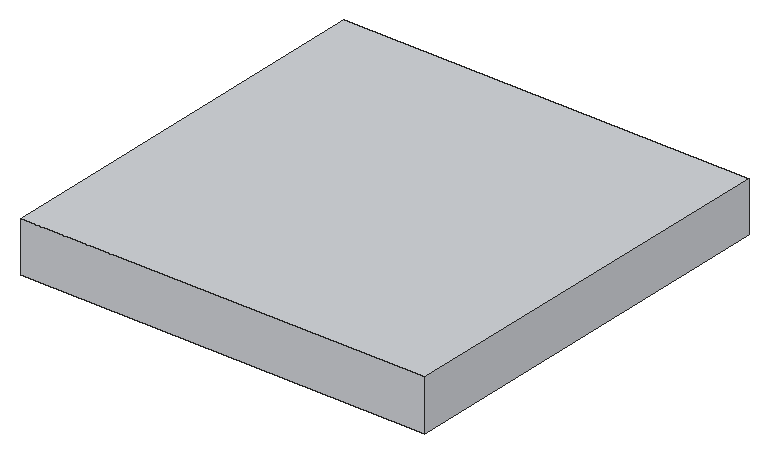
Revit family "05-1804-14-00", category Luminarias, Revit 2017
Family settings
  Anfitrión = Cara
  Cota de conector redondo = Diámetro de uso
  Tipo de pieza = Normal
  Número OmniClass = 23.80.70.00
  Título OmniClass = Lighting
  Corte con vacíos al cargar = No
  Origen de luz = No
  Compartido = Sí
  Punto de cálculo de habitación = No
Parameters (values of type "05-1804-14-00")
  Versión = "v1"
  Vatios (W) = 1
  Tipo de regulación = ""
  Tipo = "Señalizacion"
  Tender text (English) = "LEDS C4\nSecret A\n05-1804-14-00\n\nSignal lighting/light for indoor use. \n\nFor frontal lighting and downlighting. Lenses allow optimum control of illumination with minimal residual halo. Structure material: Plaster. Structure finish: White. Warranty: 5 Years.\n\nProduct net weight (Kg): 0.520\nProduct width or diameter (mm): 80\nProduct height (mm): 165\nØ of the hole for recessing (mm): 170x85\nPermitted ceiling thickness: 9-15\n\nClass 3. IP: IP20. LED. No. of lampholders or LEDs: 1. LED brand: CREE. Maximum power of light source: 1W. Colour temperature: LED warm-white 3000K. Colour rendering index: 80. MacAdam Steps: 3. Maximum diameter of luminaire bulb: 50.000h L80B20. UGR: 5.5. Photobiological risk: RG2. Real flux (lm): 43. Nominal flux (lm): 87. Lm/Real W: 43. Voltage: 3. Gear included: No, but it is needed. Total power: 1."
  Tender text (Castellano) = "LEDS C4\nSecret A\n05-1804-14-00\n\nLuminaria de señalización de uso interior para iluminar frontalmente y hacia abajo. \n\nUso de lentes para un óptimo control lumínico y minimización del halo residual. Material estructura: Yeso. Acabado estructura: Blanco. Garantía: 5 Años.\n\nPeso neto del producto (Kg): 0.520\nAnchura o diámetro del producto (mm): 80\nAltura del producto (mm): 165\nØ del agujero para empotrar (mm): 170x85\nGrosor de techo admitido: 9-15\n\nClase 3. IP: IP20. LED. Nº de portalámparas o Leds: 1. Marca del LED: CREE. Potencia máxima de la fuente de luz: 1W. Temperatura de color: Blanco cálido - 3000K. Índice de reproducción cromática: 80. Steps Mac Adam: 3. Diámetro máximo de la bombilla que admite la luminaria: 50.000h L80B20. UGR: 5.5. Riesgo fotobiológico: RG2. Flujo real (lm): 43. Flujo nominal (lm): 87. Lm/W reales: 43. Voltaje: 3. Equipo incluido: No, pero lo necesita. Potencia total: 1."
  Temperatura color led (K) = "Blanco cálido - 3000K"
  Referencia = "05-1804-14-00"
  Rayo de luz = ""
  Producto descatalogado = "Catalogado ES"
  Pluma comercial = "http://files.leds-c4.com/pl/05-1804-14-00.html"
  Peso neto (KG) = 0.52
  Material = "Yeso"
  Lumenes reales (lm) = 43
  LDT = "http://files.leds-c4.com/ldt/05-1804-14-00.html"
  Imagen web = "http://files.leds-c4.com/main-photo/05-1804-14-00"
  IfcExportType = "NOTDEFINED"
  IfcExportAs = "IfcLightFixture\r\nIfcLightFixture"
  IP = "IP20"
  IMC = "http://files.leds-c4.com/imc/05-1804-14-00.html"
  IK = ""
  Fuente de luz = "1xLED 1 87.00 lm"
  Fotometría = "http://files.leds-c4.com/fm/05-1804-14-00.html"
  Ficha = "http://files.leds-c4.com/ft/es/05-1804-14-00.html"
  FechaVersion = "Julio 2020"
  Familia = "Secret A"
  Fabricante = "LEDS C4"
  Etiqueta V/f = "max. 350mA"
  Elevación por defecto = 1000 mm
  Eficiencia energética = "LED A++"
  EAN13 = "8435381400750"
  DescripcionUniformat2010 = "Lighting"
  DescripcionUniclass2015 = "Lighting"
  DescripcionOmniclass = "Lighting"
  DescripcionGubimclass = "Iluminación interior"
  CodigoUniformat2010 = "D5040"
  CodigoUniclass2015 = "EF_70_80"
  CodigoOmniclass = "21-04 50 40"
  CodigoGubimclass = "50.60.50.20"
  Catálogo = "Technical"
  Carga aparente = 0 VA
  CRI = 80
  Acabado = "Blanco"
Types (2, lengths in mm): name | Lumenes reales (lm) | CRI
  (no name) | 0 | 0
  05-1804-14-00 | 43 | 80
Values of the unnamed type that differ from the named types
  Vatios (W) = 0
  Tipo = ""
  Tender text (English) = ""
  Tender text (Castellano) = ""
  Temperatura color led (K) = ""
  Referencia = ""
  Producto descatalogado = ""
  Pluma comercial = ""
  Peso neto (KG) = 0
  Material = ""
  LDT = ""
  Imagen web = ""
  IP = ""
  IMC = ""
  Fuente de luz = ""
  Fotometría = ""
  Ficha = ""
  Familia = ""
  Etiqueta V/f = ""
  Eficiencia energética = ""
  EAN13 = ""
  Catálogo = ""
  Acabado = ""
Reference planes
  plane 1 "Centro (Frontal/Posterior)": y = 0
  plane 2: z = 0
  plane 3 "Centro (Izquierda/Derecha)": x = 0
  plane 4 "Elevación de origen de luz": z = 0
  plane 5 "Eje de origen de luz (F/P)": y = 0
  plane 6 "Eje de origen de luz (I/D)": x = 0
Forms (mm)
  Extrusion 1, solid
    sketch origin (0, 0, 0) x (1, 0, 0) y (0, 1, 0)
      loop
        line (-1219.2, 1219.2) -> (-1219.2, -1219.2) -> (1219.2, -1219.2) -> (1219.2, 1219.2) -> (-1219.2, 1219.2)
    from 0 to -304.8
Dimensions and locks
  aligned and locked: plane 2 to Extrusion 1
  aligned and locked: level to Extrusion 1
Nested families
  nested 1: "Luz anidada" at (24.571, 0, 36.06), type "Tipo1"
Connectors
  electrical at (0, 0, 0)
    settings: on Extrusion 1, index 1, voltage 0 V, apparent load 0 VA, apparent load phase1 0 VA, apparent load phase2 0 VA, apparent load phase3 0 VA, power factor 1, load classification "Otro", number of poles 1, system type 31, power factor state 1, is connector primary yes, connector utility no, sub classification motor no, connector description ""
Definition of nested family "Luz anidada"
  Parameters (values of type "Tipo1")
    Tilt Angle = 56.8497°
    Wattage = 1 W
    Tipo de regulación = ""
    Tipo = ""
    Tender text = ""
    built-in parameter 1150110 = 1 (stored number, unit not read)
    Pluma comercial = ""
    Material = ""
    Imagen = ""
    IP = ""
    IMC = ""
    IK = ""
    Fotometría = ""
    Ficha = ""
    Familia = ""
    Estado en catálogo = ""
    Peso neto = ""
    Lamp = ""
    built-in parameter 1114217 = 1 (stored number, unit not read)
    built-in parameter 1150109 = 1 (stored number, unit not read)
    Etiqueta vf = ""
    Eficiencia energética = ""
    EAN13 = ""
    built-in parameter 1150134 = (empty or 0)
    built-in parameter 1150113 = 1 (stored number, unit not read)
    Lumens = 2391 lm
    built-in parameter 1150115 = 1 (stored number, unit not read)
    built-in parameter 1150105 = 109.82 (stored number, unit not read)
    built-in parameter 1150137 = (empty or 0)
    built-in parameter 1150139 = (empty or 0)
    built-in parameter 1150112 = 1 (stored number, unit not read)
    built-in parameter 1150114 = 1 (stored number, unit not read)
    built-in parameter 1150132 = (empty or 0)
    built-in parameter 1150102 = (empty or 0)
    built-in parameter 1150138 = (empty or 0)
    built-in parameter 1150107 = 3000 (stored number, unit not read)
    built-in parameter 1150106 = 1.0982 (stored number, unit not read)
    built-in parameter 1150104 = 3.9948 (stored number, unit not read)
    Catálogo = ""
    Dimming Lamp Color Temperature Shift = (empty or 0)
    Color Filter = 16777215
    built-in parameter 1114218 = 1 (stored number, unit not read)
    CRI = 0
    Photometric Web File = "05-1804-14-00.ies"
    Acabado = ""
    built-in parameter 1150133 = 10 (stored number, unit not read)
  Types (2, lengths in mm): name | Tilt Angle
    (no name) | 32.1497°
    Tipo1 | 56.8497°
  Values of the unnamed type that differ from the named types
    Wattage = 2.9 W
    built-in parameter 1150104 = 0.57664 (stored number, unit not read)
  Reference planes
    plane 1 "Eje de origen de luz (F/P)": y = 0
    plane 2: z = 0
    plane 3 "Eje de origen de luz (I/D)": x = 0
    plane 4 "Elevación de origen de luz": z = 0
  Dimensions and locks
    aligned and locked: plane 3 "Eje de origen de luz (I/D)" to imposter light
    aligned and locked: plane 1 "Eje de origen de luz (F/P)" to imposter light
    aligned and locked: plane 4 "Elevación de origen de luz" to imposter light
    aligned and locked: level to plane 2
